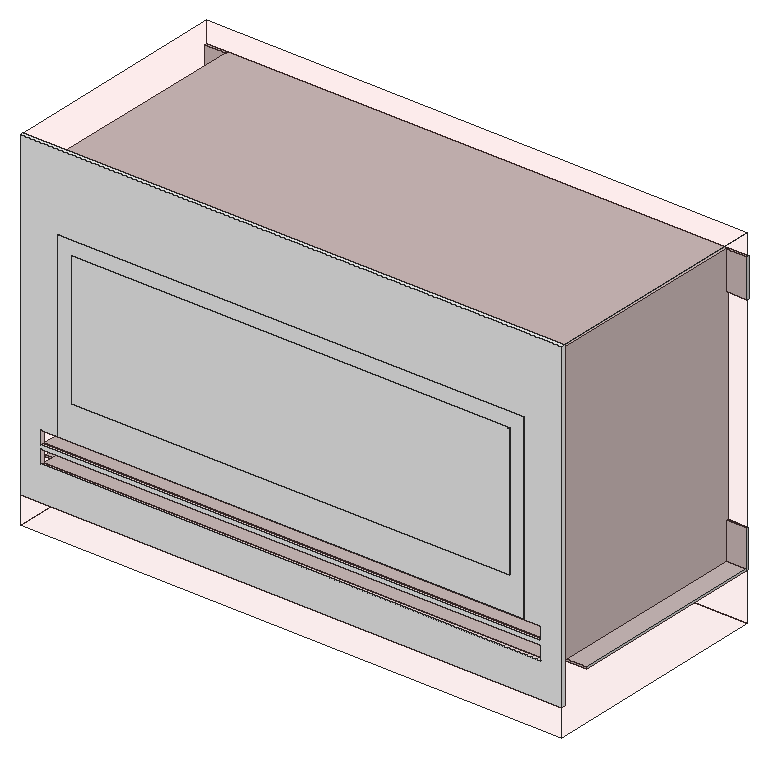
Revit family "Air-Curtain_Customer-Entry_PoweredAire_ECC-E", category Mechanical Equipment, host Face, Revit 2020
Family settings
  Host = Face
  Round Connector Dimension = Use Diameter
  Part Type = Normal
  OmniClass Number = 23.75.35.17.21
  OmniClass Title = Air Curtains
  Cut with Voids When Loaded = No
  Shared = No
  Room Calculation Point = No
Parameters
  Warranty Duration (Years) = 0
  Unit Width Notes = "Other Widths available."  # constant formula
  Unit Width = 3' - 3"
  Unit Weight = 0
  Unit Height = 1' - 4 3/4"
  Unit Depth = 1' - 11 1/4"
  URL = "http://www.poweredaire.com/"
  Test Data = ""
  Temperature Rise_Range = "as Specified"
  Standards Conformance = "as Specified"
  Specification = "http://www.arcat.com/sdspecs/htm04/23_34_33pai.htm"
  SpecWizard = ""
  Sound Pressure = "as Specified"
  Sales Information = "http://www.poweredaire.com/contact_us"
  Revision = "R1_2016-08"
  Projection from Host [instance] = 0' - 2"
  Product Properties = ""
  Product Data = "http://www.arcat.com/arcatcos/cos47/arc47623.html"
  Power Rating = 0 W
  Outlet Volume_Range = "as Specified"
  Outlet Velocity_Range = "as Specified"
  Nozzle Width = if(1 = 1, Unit Width - 0' 3", 0' 0")  # 3' - 0"
  Mounting Width = if(1 = 1, Unit Width - 0' 1 1/2", 0' 0")  # 3' - 1 1/2"
  Mounting Height [instance] = 3' - 6"
  Motor RPM = 0
  Motor HP = 0
  Motor Count = 0
  Model = "As Specified"
  Max Height = 0' - 0"
  Manufacturer Website = "http://www.poweredaire.com/"
  Manufacturer Phone - Toll Free = "888-321-2473"
  Manufacturer Phone = "724-588-3305"
  Manufacturer Fax = "724-588-3371"
  Manufacturer Address = "109 Mortensen Rd.  Greenville, PA 16125"
  Manufacturer = "Powered Aire, Inc"
  Maintenance Schedule (Months) = 0
  Keynote = "23 34 33"
  Installation-Fabrication = ""
  Installation Phase = ""
  Include Clearance [instance] = yes
  Heating Element Load = 0 W
  HVAC_Temperature Rise [instance] = 0 °F
  HVAC_Outlet Volume [instance] = 0 CFM
  HVAC_Outlet Velocity Uniformity = 0
  HVAC_Outlet Velocity [instance] = 0 FPM
  Green Building-LEED = "http://www.arcat.com/green/clients/leed_data_47623.html"
  Front Grating Material [instance] = Metal - Steel - PoweredAire - White Perforated
  Frame Finish [instance] = Metal - Steel - PoweredAire - Stainless 304
  Expected Lifespan (Years) = 0
  Electrical_Wattage [instance] = Power Rating + Heating Element Load  # 0 W
  Electrical_Voltage [instance] = 0 V
  Electrical_Phase [instance] = 1
  Electrical_Frequency [instance] = 0 Hz
  Electrical_Amperage [instance] = 0 A
  Drawn By = "Sumex Design, Inc. / Robert S. Weygant, CSI, CDT, SCIP"
  Description = "Powered Aire Air Curtain as Specified"
  Default Elevation = 0' - 0"  # constant formula
  Cover Finish [instance] = Metal - Steel - PoweredAire - White
  Copyright = "©Arcat Inc."
  Construction Details = "http://www.arcat.com/details/powair/prod3336.html"
  Clearance_Top [instance] = 0' - 0"
  Clearance_Side B [instance] = 0' - 0"
  Clearance_Side A [instance] = 0' - 0"
  Clearance_Intake [instance] = 0' - 0"
  Clearance_Front [instance] = 0' - 0"
  Clearance Material [instance] = ARCAT Clearance
  Building Codes = ""
  Available Options [instance] = "as Specified"
  Assembly Code = "D3090400"
Reference planes (in)
  plane 1 "Center (Elevation)": y = 8.51318
  plane 2: z = 0
  plane 3 "Center (Left/Right)": x = 0
  plane 4: y = 16.88818
  plane 5: y = 0.13818
  plane 6: x = -19.5
  plane 7: x = 19.5
  plane 8: z = 25.25
  plane 9 "FF": y = -41.86182
  plane 10: z = 2
  plane 11: x = 18
  plane 12: x = -18
  plane 13: y = 16.88818
  plane 14: y = 0.13818
  plane 15: x = -19.5
  plane 16: x = 19.5
  plane 17: z = 25.25
  plane 18: y = 0.38818
Forms (in)
  Extrusion 1, solid, material "ARCAT Clearance" <- "Clearance Material", visible <- "Include Clearance"
    sketch origin (0, 0, 0) x (0, 1, 0) y (0, 0, 1)
      loop
        line (0.13818, 25.25) -> (0.13818, 0) -> (16.88818, 0) -> (16.88818, 25.25) -> (0.13818, 25.25)
    from -19.5 to 19.5
  Extrusion 2, solid, material "Metal - Steel - PoweredAire - White" <- "Cover Finish"
    sketch origin (0, 8.51318, 0) x (1, 0, 0) y (0, 0, 1)
      loop
        line (-19.5, 25.25) -> (-19.5, 2) -> (19.5, 2) -> (19.5, 25.25) -> (-19.5, 25.25)
    from 8.125 to 8.375
  Extrusion 3, solid, material "Metal - Steel - PoweredAire - Stainless 304" <- "Frame Finish"
    sketch origin (0, 8.51318, 0) x (1, 0, 0) y (0, 0, 1)
      loop
        line (18, 23.75) -> (-18, 23.75) -> (-18, 3.5) -> (18, 3.5) -> (18, 23.75)
    from -8.375 to 8.125
  Extrusion 4, void
    sketch origin (0, 0, 0) x (0, 1, 0) y (0, 0, 1)
      loop
        line (0.13818, 5.5) -> (0.13818, 4.5) -> (1.88818, 4.5) -> (1.88818, 6.75) -> (0.13818, 6.75) -> (0.13818, 5.75) -> (1.63818, 5.75) -> (1.63818, 5.5) -> (0.13818, 5.5)
    from -18 to 18
  Extrusion 5, solid, material "Metal - Steel - PoweredAire - White" <- "Cover Finish"
    sketch origin (-11.83813, 0.13818, 48) x (-1, 0, 0) y (0, 0, 1)
      loop
        line (4.91187, -41.25) -> (4.91187, -28.25) -> (-28.58813, -28.25) -> (-28.58813, -41.25) -> (4.91187, -41.25)
    from 0 to -0.03125
  Extrusion 6, solid, material "Metal - Steel - PoweredAire - White Perforated" <- "Front Grating Material"
    sketch origin (-11.83813, 0.10693, 48) x (1, 0, 0) y (0, 0, 1)
      loop
        line (-3.91187, -29.25) -> (-3.91187, -38.75) -> (27.58813, -38.75) -> (27.58813, -29.25) -> (-3.91187, -29.25)
    from 0 to 0.03125
  Extrusion 7, solid, material "Metal - Steel - PoweredAire - Stainless 304" <- "Frame Finish"
    sketch origin (-15.17702, -180, 2) x (-1, 0, 0) y (0, -1, 0)
      loop
        line (-33.17702, -196.88818) -> (-33.17702, -182.38818) -> (-34.67702, -182.38818) -> (-34.67702, -196.88818) -> (-33.17702, -196.88818)
      loop
        line (2.82298, -196.88818) -> (4.32298, -196.88818) -> (4.32298, -182.38818) -> (2.82298, -182.38818) -> (2.82298, -196.88818)
    from 1.5 to 1.625
  Extrusion 8, solid, material "Metal - Steel - PoweredAire - Stainless 304" <- "Frame Finish"
    sketch origin (-11.83813, 16.88818, 48) x (-1, 0, 0) y (0, 0, 1)
      loop
        line (7.66187, -44.5) -> (7.66187, -41.75) -> (6.16187, -41.75) -> (6.16187, -44.5) -> (7.66187, -44.5)
      loop
        line (-31.33813, -44.5) -> (-29.83813, -44.5) -> (-29.83813, -41.75) -> (-31.33813, -41.75) -> (-31.33813, -44.5)
      loop
        line (7.66187, -27) -> (7.66187, -24.25) -> (6.16187, -24.25) -> (6.16187, -27) -> (7.66187, -27)
      loop
        line (-31.33813, -27) -> (-29.83813, -27) -> (-29.83813, -24.25) -> (-31.33813, -24.25) -> (-31.33813, -27)
    from 0 to -0.125
Cuts and joins
  Extrusion 4 cuts Extrusion 2
  Extrusion 4 cuts Extrusion 3
Dimensions and locks (in)
  equal spacing: plane 4, plane 1 "Center (Elevation)", plane 5
  "Unit Height": plane 4 to plane 5
  equal spacing: plane 6, plane 3 "Center (Left/Right)", plane 7
  "Unit Width": plane 6 to plane 7
  "Mounting Height": plane 5 to plane 9 "FF"
  "Projection from Host": plane 10 to level
  "Unit Depth": plane 8 to plane 10
  locked: plane 6 to plane 12 at 1.5
  locked: plane 11 to plane 7 at 1.5
  "Clearance_Side A": plane 7 to plane 16
  "Clearance_Side B": plane 15 to plane 6
  "Clearance_Top": plane 13 to plane 4
  "Clearance_Intake": plane 5 to plane 14
  "Clearance_Front": plane 17 to plane 8
  locked: plane 8 to Extrusion 3 sketch curve at 1.5
  locked: Extrusion 3 sketch curve to plane 10 at 1.5
  locked: plane 7 to Extrusion 3 sketch curve at 1.5
  locked: Extrusion 3 sketch curve to plane 6 at 1.5
  locked: plane 18 to plane 5 at 0.25
  Extrusion 4 sketch curve to Extrusion 4 sketch curve to Extrusion 4 sketch curve to Extrusion 4 sketch curve to plane 10 = 0' - 1" locked, 0' - 0 1/4" locked, 0' - 1" locked, 0' - 2 1/2" locked
  Extrusion 5 sketch curve to Extrusion 5 sketch curve to plane 10 = 1' - 1" locked, 0' - 4 3/4" locked
  locked: plane 11 to Extrusion 5 sketch curve at 1.25
  locked: Extrusion 5 sketch curve to plane 12 at 1.25
  Extrusion 6 sketch curve to Extrusion 6 sketch curve to plane 10 = 0' - 9 1/2" locked, 0' - 7 1/4" locked
  locked: Extrusion 6 sketch curve to plane 12 at 2.25
  locked: plane 11 to Extrusion 6 sketch curve at 2.25
  locked: plane 4 to Extrusion 7 sketch curve at 14.5  (x2)
  Extrusion 8 sketch curve to Extrusion 8 sketch curve to Extrusion 8 sketch curve to Extrusion 8 sketch curve to plane 10 = 0' - 2 3/4" locked, 1' - 2 3/4" locked, 0' - 2 3/4" locked, 0' - 1 1/2" locked  (x2)
  aligned and locked: plane 2 to host face
  aligned and locked: level to host face
  aligned and locked: Extrusion 1 sketch curve to plane 17
  aligned and locked: plane 14 to Extrusion 1 sketch curve
  aligned and locked: level to Extrusion 1 sketch curve
  aligned and locked: Extrusion 1 sketch curve to plane 13
  aligned and locked: plane 16 to Extrusion 1
  aligned and locked: Extrusion 1 to plane 15
  aligned and locked: Extrusion 2 sketch curve to plane 8
  aligned and locked: plane 6 to Extrusion 2 sketch curve
  aligned and locked: Extrusion 2 sketch curve to plane 10
  aligned and locked: Extrusion 2 sketch curve to plane 7
  aligned and locked: Extrusion 3 to plane 4
  aligned and locked: Extrusion 3 to plane 18
  aligned and locked: Extrusion 2 to plane 18
  aligned and locked: Extrusion 2 to plane 5
  aligned and locked: plane 11 to Extrusion 4
  aligned and locked: Extrusion 4 to plane 12
  aligned and locked: Extrusion 7 sketch curve to plane 4  (x2)
Automatic sketch dimensions
  host sketch curve to host sketch curve = 8' - 0"  (x2)
  Extrusion 4 sketch curve to plane 5 = 0' - 0"  (x2)
  plane 18 to Extrusion 4 sketch curve = 0' - 1 1/4"
  Extrusion 4 sketch curve to Extrusion 4 sketch curve = 0' - 0 1/4"
  Extrusion 7 sketch curve to plane 7 = 0' - 0"
  Extrusion 7 sketch curve to plane 11 = 0' - 0"
  Extrusion 7 sketch curve to plane 12 = 0' - 0"
  Extrusion 7 sketch curve to plane 6 = 0' - 0"
  Extrusion 8 sketch curve to plane 7 = 0' - 0"  (x2)
  Extrusion 8 sketch curve to plane 11 = 0' - 0"  (x2)
  Extrusion 8 sketch curve to plane 12 = 0' - 0"  (x2)
  Extrusion 8 sketch curve to plane 6 = 0' - 0"  (x2)
Connectors (in)
  electrical at (-18, 4.88818, 9.625), driven by "Electrical_Voltage", driven by "Electrical_Phase"
    settings: on cut or joined group of Extrusion 3, Extrusion 4, index 1, voltage 0 V, apparent load 0 VA, apparent load phase1 0 VA, apparent load phase2 0 VA, apparent load phase3 0 VA, power factor 1, load classification "Other", number of poles 1, system type 31, power factor state 1, is connector primary yes, connector utility no, sub classification motor no, connector description ""
